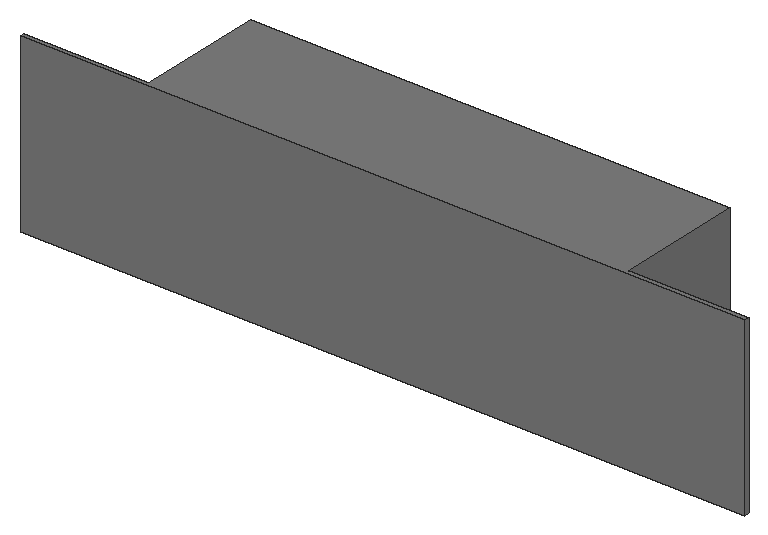
Revit family "900", category Generic Models, Revit 2021
Family settings
  Can host rebar = No
  Round Connector Dimension = Use Diameter
  Part Type = Normal
  Work Plane-Based = No
  Always vertical = Yes
  Cut with Voids When Loaded = No
  Shared = No
  Room Calculation Point = No
Parameters
  e-mail = "info@vola.com"
  URL = "http://vola.com"
  Telephone = "+45 7023 5500"
  Quality management standard = "ISO 9001"
  Organisation no. / DUNS no. = "17531328"
  Occupational health and safety management standard = "ISO 18001"
  Mounting Instructions = "http://vola.com/service/producturl.ashx?name=900"
  Model = "900"
  Materials and components information = "http://vola.com/service/producturl.ashx?name=900"
  Manufacturer = "VOLA A/S"
  Maintenance Instructions = "http://vola.com/service/producturl.ashx?name=900"
  Guarantee = "2 years"
  Flow = "30,00 l/min"
  Environmental management standard = "ISO 14000"
  Default Elevation = 0.00 mm
  Connection - All relevant connections = ""
  Approvals = "http://vola.com/service/producturl.ashx?name=900"
Reference planes
  plane 1 "Center (Front/Back)": y = 0
  plane 2: z = 0
  plane 3 "Center (Left/Right)": x = 0
  plane 4 "Inlet Center Plane": y = -23.5
  plane 5: z = 55
Forms (mm)
  Extrusion 1, solid, material "Stainless Steel"
    sketch origin (-27, 1.5, 7.5) x (0, 1, 0) y (1, 0, 0)
      loop
        circle (-25, -12) r 14
    from 0 to 7.5
  Extrusion 2, solid, material "Default"
    sketch origin (10, 0, -14) x (1, 0, 0) y (0, 1, 0)
      loop
        line (-137.5, 0) -> (-137.5, -69) -> (122.5, -69) -> (122.5, 0) -> (-137.5, 0)
    from 21.5 to 116.5
  Extrusion 3, solid, material "Default"
    sketch origin (10, -1, -14) x (1, 0, 0) y (0, 1, 0)
      loop
        line (-205, -68) -> (-205, -70.5) -> (187.5, -70.5) -> (187.5, -68) -> (-205, -68)
    from 21.5 to 116.5
Cuts and joins
  joined: Extrusion 2, Extrusion 3
Lines and regions (mm)
  reference lines
    curve 1: line (-39, -23.5, 55) -> (-39, -108.5, 55)
    curve 2: line (39, -23.5, 55) -> (39, -108.5, 55)
    curve 3: line (-39, -23.5, 55) -> (-39, -23.5, -44)
Dimensions and locks
  aligned and locked: plane 2 to level
  aligned and locked: plane 5 to curve 3
  aligned and locked: Extrusion 2 to Extrusion 3
  aligned and locked: Extrusion 3 to Extrusion 2
